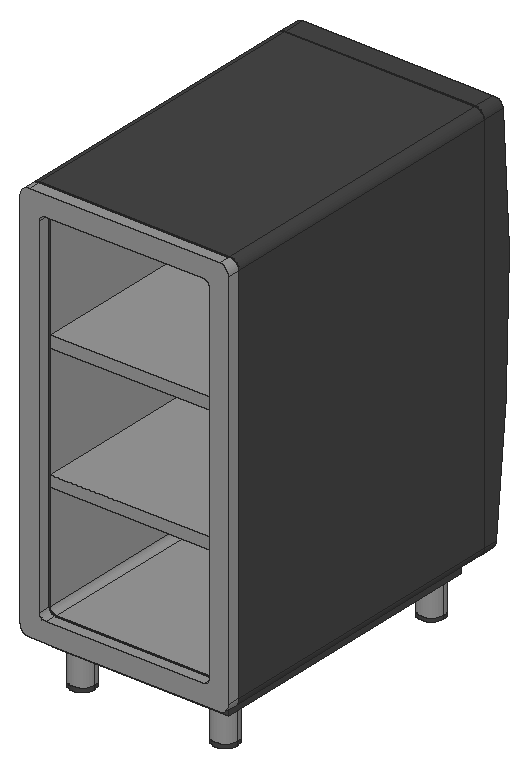
Revit family "Franke_Cup_warmer_A-Series-A600_A800_A1000(JP)", category Specialty Equipment, Revit 2015
Parameters (values of type "Cup warmer A-Series-A600,A800,A1000(100V/anthracite/JP)")
  Volts max. = 0 V
  URL = "https://www.franke.com/main/en/cs/products/product-search.html"
  Depth (mm) = 453 mm
  Volts min. = 100 V
  Max Overcurrent Protection = "-"
  Cycle Alternative = 60 Hz
  Cycle = 50 Hz
  Model = "410894 - Cup warmer A-Series - A600, A800, A1000"
  Watts min. = 80 W
  Watts max. = 0 W
  Cost = 0
  Height (mm) = 585 mm
  Manufacturer = "Franke"
  Energy loss acc. to DIN 18873 = "-"
  Width (mm) = 270 mm
  Description = "A-Series key module  Cup warmer"
  Assembly Code = "key module  Cup warmer "
  Keynote = "key module  Cup warmer"
  Weight = "20 kg"
  Number of Poles = 1
  Number of Protective Conductors = "1"
  Number of Nutral Conductors = "1"
  Capacity = "up to 120 cups"
  Frontcover = Franke Anthracite
Types (3, lengths in mm): name | Frontcover
  (no name) | Franke Anthracite
  Cup warmer A-Series-A600,A800,A1000(100V/black line/JP) | Franke Black
  Cup warmer A-Series-A600,A800,A1000(100V/anthracite/JP) | Franke Anthracite
Reference planes
  plane 1 "Mitte (Vorne/Hinten)": y = 0
  plane 2: z = 0
  plane 3 "Mitte (Links/Rechts)": x = 0
Forms (mm)
  Extrusion 1, solid, material "Franke Anthracite" <- "Frontcover"
    sketch origin (0, 0, 0) x (1, 0, 0) y (0, 0, 1)
      loop
        line (123, 585) -> (-123, 585)
        arc (-123, 585) -> (-131.485, 581.485) -> (-135, 573) r 12
        line (-135, 573) -> (-135, 77)
        arc (-135, 77) -> (-131.485, 68.515) -> (-123, 65) r 12
        line (-123, 65) -> (-85, 65) -> (85, 65) -> (123, 65)
        arc (123, 65) -> (131.485, 68.515) -> (135, 77) r 12
        line (135, 77) -> (135, 573)
        arc (135, 573) -> (131.485, 581.485) -> (123, 585) r 12
      loop
        arc (102, 90) -> (107.657, 92.343) -> (110, 98) r 8
        line (110, 98) -> (110, 552)
        arc (110, 552) -> (107.657, 557.657) -> (102, 560) r 8
        line (102, 560) -> (-102, 560)
        arc (-102, 560) -> (-107.657, 557.657) -> (-110, 552) r 8
        line (-110, 552) -> (-110, 98)
        arc (-110, 98) -> (-107.657, 92.343) -> (-102, 90) r 8
        line (-102, 90) -> (102, 90)
    from 199.53 to 214.53
  Extrusion 2, solid, material "Franke Black"
    sketch origin (0, 0, 0) x (1, 0, 0) y (0, 0, 1)
      loop
        line (123, 585) -> (-123, 585)
        arc (-123, 585) -> (-131.485, 581.485) -> (-135, 573) r 12
        line (-135, 573) -> (-135, 77)
        arc (-135, 77) -> (-131.485, 68.515) -> (-123, 65) r 12
        line (-123, 65) -> (123, 65)
        arc (123, 65) -> (131.485, 68.515) -> (135, 77) r 12
        line (135, 77) -> (135, 573)
        arc (135, 573) -> (131.485, 581.485) -> (123, 585) r 12
      loop
        line (115, 565) -> (-115, 565) -> (-115, 85) -> (115, 85) -> (115, 565)
    from -198.03 to 198.03
  Extrusion 3, solid, material "Franke Black"
    sketch origin (0, 0, 0) x (0, 1, 0) y (0, 0, 1)
      loop
        line (186.97, 65) -> (-188.03, 65) -> (-188.03, 45) -> (186.97, 45) -> (186.97, 65)
    from -114 to 114
  Extrusion 4, solid, material "Franke Black"
    sketch origin (0, 0, 0) x (0, 1, 0) y (0, 0, 1)
      loop
        line (199.53, 585) -> (199.53, 65) -> (216.03, 65)
        arc (216.03, 65) -> (224.982, 150.997) -> (233.478, 237.039) r 16328.175
        arc (233.478, 237.039) -> (233.864, 241.879) -> (234.093, 246.728) r 150
        arc (234.093, 246.728) -> (236.227, 326.074) -> (237.701, 405.435) r 9548.581
        arc (237.701, 405.435) -> (237.699, 406.999) -> (237.648, 408.563) r 50
        arc (237.648, 408.563) -> (233.118, 496.797) -> (228.03, 585) r 14002.549
        line (228.03, 585) -> (199.53, 585)
    from -135 to 135
  Extrusion 5, void
    sketch origin (0, 0, 0) x (1, 0, 0) y (0, 0, 1)
      loop
        line (-123, 585) -> (-123, 595) -> (-145, 595) -> (-145, 573) -> (-135, 573)
        arc (-135, 573) -> (-131.485, 581.485) -> (-123, 585) r 12
      loop
        arc (123, 585) -> (131.485, 581.485) -> (135, 573) r 12
        line (135, 573) -> (145, 573) -> (145, 595) -> (123, 595) -> (123, 585)
      loop
        arc (-123, 65) -> (-131.485, 68.515) -> (-135, 77) r 12
        line (-135, 77) -> (-145, 77) -> (-145, 55) -> (-123, 55) -> (-123, 65)
      loop
        line (123, 65) -> (123, 55) -> (145, 55) -> (145, 77) -> (135, 77)
        arc (135, 77) -> (131.485, 68.515) -> (123, 65) r 12
    from -305.226 to 299.817
  Extrusion 6, solid, material "Franke Chrome"
    sketch origin (0, 0, 0) x (1, 0, 0) y (0, 1, 0)
      loop
        circle (-92.493, -167.305) r 16
      loop
        circle (92.493, -167.305) r 16
      loop
        circle (-92.493, 166.245) r 16
      loop
        circle (92.493, 166.245) r 16
    from 5 to 45
  Extrusion 7, solid, material "Franke Black"
    sketch origin (0, 0, 0) x (1, 0, 0) y (0, 1, 0)
      loop
        line (-107.5, 117.97) -> (-107.5, 96.52) -> (-90.75, 96.52) -> (-90.75, 117.97) -> (-107.5, 117.97)
      loop
        line (90.75, 117.97) -> (90.75, 96.52) -> (107.5, 96.52) -> (107.5, 117.97) -> (90.75, 117.97)
      loop
        line (-107.5, -97.58) -> (-107.5, -119.03) -> (-90.75, -119.03) -> (-90.75, -97.58) -> (-107.5, -97.58)
      loop
        line (90.75, -97.58) -> (90.75, -119.03) -> (107.5, -119.03) -> (107.5, -97.58) -> (90.75, -97.58)
    from 41 to 45
  Extrusion 8, solid, material "Franke Black"
    sketch origin (0, 0, 0) x (1, 0, 0) y (0, 0, 1)
      loop
        line (-120, 65) -> (120, 65) -> (120, 575) -> (-120, 575) -> (-120, 65)
      loop
        arc (-102, 560) -> (-107.657, 557.657) -> (-110, 552) r 8
        line (-110, 552) -> (-110, 98)
        arc (-110, 98) -> (-107.657, 92.343) -> (-102, 90) r 8
        line (-102, 90) -> (102, 90)
        arc (102, 90) -> (107.657, 92.343) -> (110, 98) r 8
        line (110, 98) -> (110, 552)
        arc (110, 552) -> (107.657, 557.657) -> (102, 560) r 8
        line (102, 560) -> (-102, 560)
    from 198.03 to 199.53
  Extrusion 9, solid, material "Franke Black"
    sketch origin (0, 397.56, 0) x (1, 0, 0) y (0, 0, 1)
      loop
        line (-120, 65) -> (120, 65) -> (120, 575) -> (-120, 575) -> (-120, 65)
    from 198.03 to 199.53
  Extrusion 10, solid, material "Franke Stainless Steel"
    sketch origin (0, 0, 41) x (1, 0, 0) y (0, 0, 1)
      loop
        line (-110, 372) -> (-110, 357) -> (110, 357) -> (110, 372) -> (-110, 372)
      loop
        line (-110, 210) -> (-110, 195) -> (110, 195) -> (110, 210) -> (-110, 210)
    from -190.97 to 198.03
  Extrusion 11, solid, material "Franke Stainless Steel"
    sketch origin (0, 0, 41) x (1, 0, 0) y (0, 0, 1)
      loop
        arc (-102, 519) -> (-107.657, 516.657) -> (-110, 511) r 8
        line (-110, 511) -> (-110, 57)
        arc (-110, 57) -> (-107.657, 51.343) -> (-102, 49) r 8
        line (-102, 49) -> (102, 49)
        arc (102, 49) -> (107.657, 51.343) -> (110, 57) r 8
        line (110, 57) -> (110, 511)
        arc (110, 511) -> (107.657, 516.657) -> (102, 519) r 8
        line (102, 519) -> (-102, 519)
    from -198.03 to -190.97
  Extrusion 12, solid, material "Franke Stainless Steel"
    sketch origin (0, 0, 41) x (1, 0, 0) y (0, 0, 1)
      loop
        line (-115, 524) -> (-115, 44) -> (115, 44) -> (115, 524) -> (-115, 524)
      loop
        arc (-102, 519) -> (-107.657, 516.657) -> (-110, 511) r 8
        line (-110, 511) -> (-110, 57)
        arc (-110, 57) -> (-107.657, 51.343) -> (-102, 49) r 8
        line (-102, 49) -> (102, 49)
        arc (102, 49) -> (107.657, 51.343) -> (110, 57) r 8
        line (110, 57) -> (110, 511)
        arc (110, 511) -> (107.657, 516.657) -> (102, 519) r 8
        line (102, 519) -> (-102, 519)
    from -190.97 to 198.03
  Extrusion 13, solid, material "Franke Black"
    sketch origin (0, 0, 10) x (0, -1, 0) y (1, 0, 0)
      loop
        circle (167.305, -92.493) r 16
      loop
        circle (167.305, 92.493) r 16
      loop
        circle (-166.245, -92.493) r 16
      loop
        circle (-166.245, 92.493) r 16
    from -10 to -5
  Extrusion 14, solid, material "Franke Chrome"
    sketch origin (0, 0, 0) x (1, 0, 0) y (0, 1, 0)
      loop
        circle (0, 146.221) r 2.5
    from 41 to 45
Cuts and joins
  Extrusion 5 cuts Extrusion 4
Dimensions and locks
  aligned and locked: level to plane 2
Connectors
  electrical at (0, 146.221, 41), driven by "Volts min.", driven by "Number of Poles"
    settings: on Extrusion 14, index 1, voltage 100 V, apparent load 0 VA, apparent load phase1 0 VA, apparent load phase2 0 VA, apparent load phase3 0 VA, power factor 1, load classification "Strom", number of poles 1, system type 31, power factor state 1, is connector primary yes, connector utility no, sub classification motor no, connector description ""
